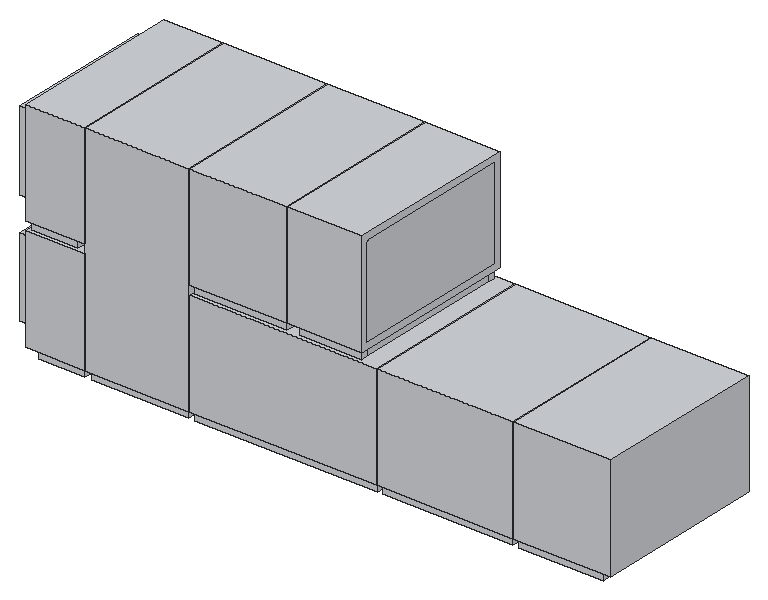
Revit family "Metric WinTADS Template 5", category Mechanical Equipment, Revit 2017
Family settings
  Round Connector Dimension = Use Diameter
  Part Type = Normal
  OmniClass Number = 23.75.00.00
  OmniClass Title = Climate Control (HVAC)
  Work Plane-Based = No
  Always vertical = Yes
  Cut with Voids When Loaded = No
  Shared = No
  Room Calculation Point = No
Parameters
  Mass = 905.576 kg
Reference planes
  plane 1 "Center (Front/Back)": y = 0
  plane 2: z = 0
  plane 3 "Center (Left/Right)": x = 0
Forms (mm)
  Extrusion 1, solid
    sketch origin (0, 0, 0) x (1, 0, 0) y (0, 1, 0)
      loop
        line (-110, 1128) -> (-110, 90) -> (0, 90) -> (0, 1128) -> (-110, 1128)
    from 890 to 1448
  Extrusion 2, solid
    sketch origin (0, 0, 0) x (1, 0, 0) y (0, 1, 0)
      loop
        line (130, 1088) -> (130, 230) -> (288, 230) -> (288, 1088) -> (130, 1088)
    from 849 to 959
  Extrusion 3, solid
    sketch origin (0, 0, 0) x (1, 0, 0) y (0, 1, 0)
      loop
        line (2373.543, 1169) -> (2373.543, 49) -> (2374.457, 49) -> (2374.457, 1169) -> (2373.543, 1169)
    from 849 to 1489
  Extrusion 4, solid
    sketch origin (0, 0, 0) x (1, 0, 0) y (0, 1, 0)
      loop
        line (0, 1218) -> (0, 0) -> (418, 0) -> (418, 1218) -> (0, 1218)
    from 800 to 1538
  Extrusion 5, solid
    sketch origin (0, 0, 0) x (1, 0, 0) y (0, 1, 0)
      loop
        line (0, 1218) -> (0, 0) -> (418, 0) -> (418, 1218) -> (0, 1218)
    from 0 to 738
  Extrusion 6, solid
    sketch origin (0, 0, 0) x (1, 0, 0) y (0, 1, 0)
      loop
        line (418, 1218) -> (418, 0) -> (1156, 0) -> (1156, 1218) -> (418, 1218)
    from 0 to 1538
  Extrusion 7, solid
    sketch origin (0, 0, 0) x (1, 0, 0) y (0, 1, 0)
      loop
        line (1156, 1218) -> (1156, 0) -> (1845, 0) -> (1845, 1218) -> (1156, 1218)
    from 800 to 1538
  Extrusion 8, solid
    sketch origin (0, 0, 0) x (1, 0, 0) y (0, 1, 0)
      loop
        line (1845, 1218) -> (1845, 0) -> (2374, 0) -> (2374, 1218) -> (1845, 1218)
    from 800 to 1538
  Extrusion 9, solid
    sketch origin (0, 0, 0) x (1, 0, 0) y (0, 1, 0)
      loop
        line (1156, 1218) -> (1156, 0) -> (2485, 0) -> (2485, 1218) -> (1156, 1218)
    from 0 to 738
  Extrusion 10, solid
    sketch origin (0, 0, 0) x (1, 0, 0) y (0, 1, 0)
      loop
        line (-110, 1128) -> (-110, 90) -> (0, 90) -> (0, 1128) -> (-110, 1128)
    from 90 to 648
  Extrusion 11, solid
    sketch origin (0, 0, 0) x (1, 0, 0) y (0, 1, 0)
      loop
        line (4084.543, 1169) -> (4084.543, 49) -> (4085.457, 49) -> (4085.457, 1169) -> (4084.543, 1169)
    from 49 to 689
  Extrusion 12, solid
    sketch origin (0, 0, 0) x (1, 0, 0) y (0, 1, 0)
      loop
        line (2485, 1218) -> (2485, 0) -> (3445, 0) -> (3445, 1218) -> (2485, 1218)
    from 0 to 738
  Extrusion 13, solid
    sketch origin (0, 0, 0) x (1, 0, 0) y (0, 1, 0)
      loop
        line (3445, 1218) -> (3445, 0) -> (4134, 0) -> (4134, 1218) -> (3445, 1218)
    from 0 to 738
  Extrusion 14, solid
    sketch origin (0, 0, 0) x (1, 0, 0) y (0, 1, 0)
      loop
        line (20, 75.5) -> (20, 26.5) -> (349, 26.5) -> (349, 75.5) -> (20, 75.5)
    from 738 to 800
  Extrusion 15, solid
    sketch origin (0, 0, 0) x (1, 0, 0) y (0, 1, 0)
      loop
        line (20, 1191.5) -> (20, 1142.5) -> (349, 1142.5) -> (349, 1191.5) -> (20, 1191.5)
    from 738 to 800
  Extrusion 16, solid
    sketch origin (0, 0, 0) x (1, 0, 0) y (0, 1, 0)
      loop
        line (20, 1142.5) -> (20, 75.5) -> (69, 75.5) -> (69, 1142.5) -> (20, 1142.5)
    from 738 to 800
  Extrusion 17, solid
    sketch origin (0, 0, 0) x (1, 0, 0) y (0, 1, 0)
      loop
        line (300, 1142.5) -> (300, 75.5) -> (349, 75.5) -> (349, 1142.5) -> (300, 1142.5)
    from 738 to 800
  Extrusion 18, solid
    sketch origin (0, 0, 0) x (1, 0, 0) y (0, 1, 0)
      loop
        line (69, 75.5) -> (69, 26.5) -> (398, 26.5) -> (398, 75.5) -> (69, 75.5)
    from -62 to 0
  Extrusion 19, solid
    sketch origin (0, 0, 0) x (1, 0, 0) y (0, 1, 0)
      loop
        line (69, 1191.5) -> (69, 1142.5) -> (398, 1142.5) -> (398, 1191.5) -> (69, 1191.5)
    from -62 to 0
  Extrusion 20, solid
    sketch origin (0, 0, 0) x (1, 0, 0) y (0, 1, 0)
      loop
        line (69, 1142.5) -> (69, 75.5) -> (118, 75.5) -> (118, 1142.5) -> (69, 1142.5)
    from -62 to 0
  Extrusion 21, solid
    sketch origin (0, 0, 0) x (1, 0, 0) y (0, 1, 0)
      loop
        line (349, 1142.5) -> (349, 75.5) -> (398, 75.5) -> (398, 1142.5) -> (349, 1142.5)
    from -62 to 0
  Extrusion 22, solid
    sketch origin (0, 0, 0) x (1, 0, 0) y (0, 1, 0)
      loop
        line (444, 75.5) -> (444, 26.5) -> (1130, 26.5) -> (1130, 75.5) -> (444, 75.5)
    from -62 to 0
  Extrusion 23, solid
    sketch origin (0, 0, 0) x (1, 0, 0) y (0, 1, 0)
      loop
        line (444, 1191.5) -> (444, 1142.5) -> (1130, 1142.5) -> (1130, 1191.5) -> (444, 1191.5)
    from -62 to 0
  Extrusion 24, solid
    sketch origin (0, 0, 0) x (1, 0, 0) y (0, 1, 0)
      loop
        line (444, 1142.5) -> (444, 75.5) -> (493, 75.5) -> (493, 1142.5) -> (444, 1142.5)
    from -62 to 0
  Extrusion 25, solid
    sketch origin (0, 0, 0) x (1, 0, 0) y (0, 1, 0)
      loop
        line (1081, 1142.5) -> (1081, 75.5) -> (1130, 75.5) -> (1130, 1142.5) -> (1081, 1142.5)
    from -62 to 0
  Extrusion 26, solid
    sketch origin (0, 0, 0) x (1, 0, 0) y (0, 1, 0)
      loop
        line (1176, 75.5) -> (1176, 26.5) -> (1825, 26.5) -> (1825, 75.5) -> (1176, 75.5)
    from 738 to 800
  Extrusion 27, solid
    sketch origin (0, 0, 0) x (1, 0, 0) y (0, 1, 0)
      loop
        line (1176, 1191.5) -> (1176, 1142.5) -> (1825, 1142.5) -> (1825, 1191.5) -> (1176, 1191.5)
    from 738 to 800
  Extrusion 28, solid
    sketch origin (0, 0, 0) x (1, 0, 0) y (0, 1, 0)
      loop
        line (1176, 1142.5) -> (1176, 75.5) -> (1225, 75.5) -> (1225, 1142.5) -> (1176, 1142.5)
    from 738 to 800
  Extrusion 29, solid
    sketch origin (0, 0, 0) x (1, 0, 0) y (0, 1, 0)
      loop
        line (1776, 1142.5) -> (1776, 75.5) -> (1825, 75.5) -> (1825, 1142.5) -> (1776, 1142.5)
    from 738 to 800
  Extrusion 30, solid
    sketch origin (0, 0, 0) x (1, 0, 0) y (0, 1, 0)
      loop
        line (1914, 75.5) -> (1914, 26.5) -> (2354, 26.5) -> (2354, 75.5) -> (1914, 75.5)
    from 738 to 800
  Extrusion 31, solid
    sketch origin (0, 0, 0) x (1, 0, 0) y (0, 1, 0)
      loop
        line (1914, 1191.5) -> (1914, 1142.5) -> (2354, 1142.5) -> (2354, 1191.5) -> (1914, 1191.5)
    from 738 to 800
  Extrusion 32, solid
    sketch origin (0, 0, 0) x (1, 0, 0) y (0, 1, 0)
      loop
        line (1914, 1142.5) -> (1914, 75.5) -> (1963, 75.5) -> (1963, 1142.5) -> (1914, 1142.5)
    from 738 to 800
  Extrusion 33, solid
    sketch origin (0, 0, 0) x (1, 0, 0) y (0, 1, 0)
      loop
        line (2305, 1142.5) -> (2305, 75.5) -> (2354, 75.5) -> (2354, 1142.5) -> (2305, 1142.5)
    from 738 to 800
  Extrusion 34, solid
    sketch origin (0, 0, 0) x (1, 0, 0) y (0, 1, 0)
      loop
        line (1176, 75.5) -> (1176, 26.5) -> (2465, 26.5) -> (2465, 75.5) -> (1176, 75.5)
    from -62 to 0
  Extrusion 35, solid
    sketch origin (0, 0, 0) x (1, 0, 0) y (0, 1, 0)
      loop
        line (1176, 1191.5) -> (1176, 1142.5) -> (2465, 1142.5) -> (2465, 1191.5) -> (1176, 1191.5)
    from -62 to 0
  Extrusion 36, solid
    sketch origin (0, 0, 0) x (1, 0, 0) y (0, 1, 0)
      loop
        line (1176, 1142.5) -> (1176, 75.5) -> (1225, 75.5) -> (1225, 1142.5) -> (1176, 1142.5)
    from -62 to 0
  Extrusion 37, solid
    sketch origin (0, 0, 0) x (1, 0, 0) y (0, 1, 0)
      loop
        line (2416, 1142.5) -> (2416, 75.5) -> (2465, 75.5) -> (2465, 1142.5) -> (2416, 1142.5)
    from -62 to 0
  Extrusion 38, solid
    sketch origin (0, 0, 0) x (1, 0, 0) y (0, 1, 0)
      loop
        line (2505, 75.5) -> (2505, 26.5) -> (3425, 26.5) -> (3425, 75.5) -> (2505, 75.5)
    from -62 to 0
  Extrusion 39, solid
    sketch origin (0, 0, 0) x (1, 0, 0) y (0, 1, 0)
      loop
        line (2505, 1191.5) -> (2505, 1142.5) -> (3425, 1142.5) -> (3425, 1191.5) -> (2505, 1191.5)
    from -62 to 0
  Extrusion 40, solid
    sketch origin (0, 0, 0) x (1, 0, 0) y (0, 1, 0)
      loop
        line (2505, 1142.5) -> (2505, 75.5) -> (2554, 75.5) -> (2554, 1142.5) -> (2505, 1142.5)
    from -62 to 0
  Extrusion 41, solid
    sketch origin (0, 0, 0) x (1, 0, 0) y (0, 1, 0)
      loop
        line (3376, 1142.5) -> (3376, 75.5) -> (3425, 75.5) -> (3425, 1142.5) -> (3376, 1142.5)
    from -62 to 0
  Extrusion 42, solid
    sketch origin (0, 0, 0) x (1, 0, 0) y (0, 1, 0)
      loop
        line (3465, 75.5) -> (3465, 26.5) -> (4065, 26.5) -> (4065, 75.5) -> (3465, 75.5)
    from -62 to 0
  Extrusion 43, solid
    sketch origin (0, 0, 0) x (1, 0, 0) y (0, 1, 0)
      loop
        line (3465, 1191.5) -> (3465, 1142.5) -> (4065, 1142.5) -> (4065, 1191.5) -> (3465, 1191.5)
    from -62 to 0
  Extrusion 44, solid
    sketch origin (0, 0, 0) x (1, 0, 0) y (0, 1, 0)
      loop
        line (3465, 1142.5) -> (3465, 75.5) -> (3514, 75.5) -> (3514, 1142.5) -> (3465, 1142.5)
    from -62 to 0
  Extrusion 45, solid
    sketch origin (0, 0, 0) x (1, 0, 0) y (0, 1, 0)
      loop
        line (4016, 1142.5) -> (4016, 75.5) -> (4065, 75.5) -> (4065, 1142.5) -> (4016, 1142.5)
    from -62 to 0
Dimensions and locks
  aligned and locked: level to plane 2
Connectors
  hvac at (209, 659, 959)
    settings: on Extrusion 2, index 6, duct flow 1111.11 L/s, flow factor 0, pres drop 42.2794 Pa, loss coef 0, conn angle 0.00°, conn width 158 mm, conn height 858 mm, conn diameter 609.6 mm, duct sys type 1, conn prof type 1, flow config 0, flow direction 1, loss method 4, conn ref index -1, conn util no, is conn primary yes, conn desc ""
  hvac at (2374.457, 609, 1169)
    settings: on Extrusion 3, index 31, duct flow 1111.11 L/s, flow factor 0, pres drop 2.0 Pa, loss coef 0, conn angle 0.00°, conn width 1120 mm, conn height 640 mm, conn diameter 609.6 mm, duct sys type 3, conn prof type 1, flow config 0, flow direction 1, loss method 4, conn ref index -1, conn util no, is conn primary no, conn desc ""
  hvac at (-110, 609, 1169)
    settings: on Extrusion 1, index 35, duct flow 1111.11 L/s, flow factor 0, pres drop 2.44307 Pa, loss coef 0, conn angle 0.00°, conn width 1038 mm, conn height 558 mm, conn diameter 609.6 mm, duct sys type 3, conn prof type 1, flow config 0, flow direction 2, loss method 4, conn ref index -1, conn util no, is conn primary no, conn desc ""
  hvac at (-110, 609, 369)
    settings: on Extrusion 10, index 88, duct flow 1111.11 L/s, flow factor 0, pres drop 2.44307 Pa, loss coef 0, conn angle 0.00°, conn width 1038 mm, conn height 558 mm, conn diameter 609.6 mm, duct sys type 1, conn prof type 1, flow config 0, flow direction 1, loss method 4, conn ref index -1, conn util no, is conn primary no, conn desc ""
  hvac at (4085.457, 609, 369)
    settings: on Extrusion 11, index 96, duct flow 1111.11 L/s, flow factor 0, pres drop 2.0 Pa, loss coef 0, conn angle 0.00°, conn width 1120 mm, conn height 640 mm, conn diameter 609.6 mm, duct sys type 1, conn prof type 1, flow config 0, flow direction 2, loss method 4, conn ref index -1, conn util no, is conn primary no, conn desc ""
